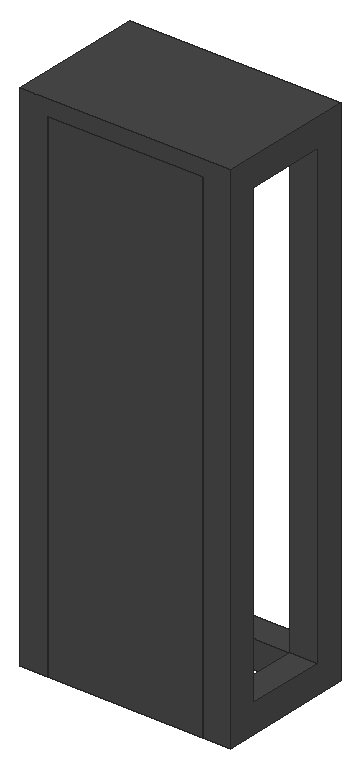
Revit family "3-723-xx Aperto", category Lighting Fixtures, host Wall, Revit 2018
Family settings
  Host = Wall
  Round Connector Dimension = Use Diameter
  Part Type = Normal
  OmniClass Number = 23.80.70.00
  OmniClass Title = Lighting
  Always vertical = Yes
  Cut with Voids When Loaded = No
  Light Source = Yes
  Shared = No
  Room Calculation Point = No
Parameters (values of type "3-723-15 / Black - White Frost Glass")
  Width = 6.50"
  Wattage Comments = "12.45 W at 120 V"  # constant formula
  Wattage = 12.45 W
  built-in parameter 1150110 = 1 (stored number, unit not read)
  Voltage Input = "120 V or 277 V - 50/60 Hz"  # constant formula
  Voltage = 120 V
  URL = "www.oxygenlighting.com"
  built-in parameter 1114217 = 1 (stored number, unit not read)
  Tilt Angle = 0.00°  # constant formula
  built-in parameter 1150109 = 1 (stored number, unit not read)
  built-in parameter 1150134 = (empty or 0)
  built-in parameter 1150113 = 1 (stored number, unit not read)
  References = "Ref. 3 = 120 V / Ref. 37 = 277 V"  # constant formula
  Photometric Web File = "3-723-15 Aperto Outdoor.ies"
  Model = "3-723-xx Aperto Outdoor"  # constant formula
  Metal Finish = 15 - Black
  Manufacturer = "Oxygen - Lighting & Fans"  # constant formula
  Main Diffuser = White Frost Glass
  Lumens = 546.555 lm
  built-in parameter 1150115 = 1 (stored number, unit not read)
  built-in parameter 1150105 = 43.493 (stored number, unit not read)
  built-in parameter 1150137 = (empty or 0)
  built-in parameter 1150139 = (empty or 0)
  Length = 4.25"
  built-in parameter 1150112 = 1 (stored number, unit not read)
  built-in parameter 1150114 = 1 (stored number, unit not read)
  Lamp = "LED Array"  # constant formula
  built-in parameter 1150132 = (empty or 0)
  built-in parameter 1150102 = (empty or 0)
  built-in parameter 1150138 = (empty or 0)
  built-in parameter 1150107 = 3000 (stored number, unit not read)
  built-in parameter 1150106 = 0.43493 (stored number, unit not read)
  Height = 16.00"
  built-in parameter 1150104 = 4.0784 (stored number, unit not read)
  Dimming Lamp Color Temperature Shift = <None>
  Diffuser Height = 15.00"
  Color Filter = 16777215
  built-in parameter 1114218 = 1 (stored number, unit not read)
  built-in parameter 1150133 = 10 (stored number, unit not read)
Reference planes (in)
  plane 1: y = 0
  plane 2 "Light Source Axis (F/B)": y = 5.125
  plane 3 "Light Source Axis (L/R)": x = -1.43133
  plane 4 "Light Source Elevation": z = 77.42225
  plane 5 "Wall Face": y = 3
  plane 6: y = 7.25
Forms (in)
  Extrusion 1, solid, material "15 - Black" <- "Metal Finish"
    sketch origin (0, 3, 0) x (1, 0, 0) y (0, 0, 1)
      loop
        line (1.81867, 85.42225) -> (-4.68133, 85.42225) -> (-4.68133, 69.42225) -> (1.81867, 69.42225) -> (1.81867, 85.42225)
      loop
        line (-3.81518, 70.28839) -> (0.95253, 70.28839) -> (0.95253, 84.55611) -> (-3.81518, 84.55611) -> (-3.81518, 70.28839)
    from -4.25 to -3.38386
  Revolve 2, solid, material "White Frost Glass" <- "Main Diffuser"
    sketch origin (0, 5.125, 0) x (1, 0, 0) y (0, 0, 1)
      loop
        line (-1.43133, 84.92225) -> (-2.61243, 84.92225) -> (-2.61243, 69.92225) -> (-1.43133, 69.92225) -> (-1.43133, 84.92225)
      axis (-1.43133, 69.92225) -> (-1.43133, 84.92225)
    angle from 0 to 360
  Revolve 3, solid, material "15 - Black" <- "Metal Finish"
    sketch origin (0, 5.125, 0) x (1, 0, 0) y (0, 0, 1)
      loop
        line (-1.43133, 69.92225) -> (-2.61243, 69.92225) -> (-2.61243, 69.73994) -> (-1.43133, 69.73994) -> (-1.43133, 69.92225)
      axis (-1.43133, 69.73994) -> (-1.43133, 69.92225)
    angle from 0 to 360
  Extrusion 4, solid, material "15 - Black" <- "Metal Finish"
    sketch origin (-1.43133, 0, 0) x (0, -1, 0) y (0, 0, 1)
      loop
        line (-6.38386, 85.42225) -> (-6.38386, 84.55611) -> (-3.86614, 84.55611) -> (-3.86614, 70.28839) -> (-6.38386, 70.28839) -> (-6.38386, 69.42225) -> (-3, 69.42225) -> (-3, 85.42225) -> (-6.38386, 85.42225)
    from -3.25 to -2.38386
  Extrusion 5, solid, material "15 - Black" <- "Metal Finish"
    sketch origin (-1.43133, 0, 0) x (0, -1, 0) y (0, 0, 1)
      loop
        line (-6.38386, 85.42225) -> (-6.38386, 84.55611) -> (-3.86614, 84.55611) -> (-3.86614, 70.28839) -> (-6.38386, 70.28839) -> (-6.38386, 69.42225) -> (-3, 69.42225) -> (-3, 85.42225) -> (-6.38386, 85.42225)
    from 2.38386 to 3.25
  Extrusion 6, solid, material "15 - Black" <- "Metal Finish"
    sketch origin (0, 5.125, 0) x (1, 0, 0) y (0, 0, 1)
      loop
        line (0.95253, 85.42225) -> (-3.81518, 85.42225) -> (-3.81518, 84.92225) -> (0.95253, 84.92225) -> (0.95253, 85.42225)
    from -1.25886 to 2.125
  Extrusion 7, solid, material "15 - Black" <- "Metal Finish"
    sketch origin (0, 5.125, 0) x (1, 0, 0) y (0, 0, 1)
      loop
        line (0.95253, 84.92225) -> (-3.81518, 84.92225) -> (-3.81518, 69.42225) -> (0.95253, 69.42225) -> (0.95253, 84.92225)
    from 1.21949 to 2.125
Cuts and joins
  joined: Extrusion 1, Extrusion 4, Extrusion 5, Extrusion 6
Text (in)
  text "Placement Side" at (0, 40.15149, 123.01588), in view "Right"
  text "Placement Side" at (-70.3804, 56.61594, 0), in view "Ref. Level"
  text "Placement Side" at (0, 47.49176, 140.59947), in view "Left"
Dimensions and locks (in)
  locked: Extrusion 1 sketch curve to Extrusion 1 sketch curve at 0.86614  (x4)
  "Width": Extrusion 1 to Extrusion 1
  equal spacing: Extrusion 1, imposter light, Extrusion 1
  "Height": Extrusion 1 to Extrusion 1
  locked: Revolve 2 sketch curve to plane 3 "Light Source Axis (L/R)" at 1.1811
  equal spacing: Revolve 2 sketch curve, plane 4 "Light Source Elevation", Revolve 2 sketch curve
  "Diffuser Height": Revolve 2 sketch curve to Revolve 2 sketch curve
  equal spacing: Extrusion 1, plane 4 "Light Source Elevation", Extrusion 1
  locked: Revolve 3 to Revolve 3 at 0.18231
  locked: Extrusion 4 sketch curve to Extrusion 4 sketch curve at 0.86614
  locked: Extrusion 5 sketch curve to Extrusion 5 sketch curve at 0.86614
  locked: Extrusion 4 to Extrusion 7 at 0.90551
  locked: cut or joined group of Extrusion 1, Extrusion 4, Extrusion 5, Extrusion 6 to cut or joined group of Extrusion 1, Extrusion 4, Extrusion 5, Extrusion 6 at 0.86614
  "Length": plane 5 "Wall Face" to plane 6
  equal spacing: plane 6, plane 2 "Light Source Axis (F/B)", plane 5 "Wall Face"
  aligned and locked: plane 3 "Light Source Axis (L/R)" to imposter light
  aligned and locked: plane 2 "Light Source Axis (F/B)" to imposter light
  aligned and locked: plane 4 "Light Source Elevation" to imposter light
  aligned and locked: imposter light to Revolve 2 sketch curve
  aligned and locked: plane 3 "Light Source Axis (L/R)" to Revolve 2 sketch curve
  aligned and locked: Revolve 3 to Revolve 2
  aligned and locked: Extrusion 1 to Extrusion 4 sketch curve  (x2)
  aligned and locked: Extrusion 4 sketch curve to Extrusion 1  (x4)
  aligned and locked: Extrusion 4 to Extrusion 1  (x2)
  aligned and locked: Extrusion 5 to Extrusion 1
  aligned and locked: Extrusion 1 to Extrusion 5
  aligned and locked: Extrusion 1 to Extrusion 5 sketch curve  (x2)
  aligned and locked: Extrusion 5 sketch curve to Extrusion 1
  aligned and locked: Extrusion 4 to Extrusion 5 sketch curve
  aligned and locked: Extrusion 1 to Extrusion 6 sketch curve
  aligned and locked: Extrusion 5 to Extrusion 6 sketch curve
  aligned and locked: Extrusion 6 sketch curve to Revolve 2
  aligned and locked: Extrusion 6 sketch curve to Extrusion 1
  aligned and locked: Extrusion 4 to Extrusion 6
  aligned and locked: Extrusion 7 sketch curve to Extrusion 1  (x3)
  aligned and locked: Extrusion 7 sketch curve to Extrusion 6
  aligned and locked: Extrusion 4 to Extrusion 7
  aligned and locked: Extrusion 6 to Extrusion 4
  aligned and locked: cut or joined group of Extrusion 1, Extrusion 4, Extrusion 5, Extrusion 6 to host wall  (x2)
  aligned and locked: cut or joined group of Extrusion 1, Extrusion 4, Extrusion 5, Extrusion 6 to cut or joined group of Extrusion 1, Extrusion 4, Extrusion 5, Extrusion 6  (x2)
  aligned and locked: plane 5 "Wall Face" to host wall
  aligned and locked: plane 6 to cut or joined group of Extrusion 1, Extrusion 4, Extrusion 5, Extrusion 6
Automatic sketch dimensions
  plane 3 "Light Source Axis (L/R)" to Revolve 3 sketch curve = 0.00"  (x2)
  plane 3 "Light Source Axis (L/R)" to Revolve 3 sketch curve = 1.1811"
  plane 4 "Light Source Elevation" to Revolve 3 sketch curve = 7.68231"
  Revolve 3 sketch curve to Revolve 3 sketch curve = 0.18231"
  Revolve 3 sketch curve to Revolve 3 sketch curve = 6.1484"
  Revolve 3 sketch curve to plane 4 "Light Source Elevation" = 12.00"
  host wall to Extrusion 4 sketch curve = 0.00"
  host wall to Extrusion 5 sketch curve = 0.00"
  Extrusion 5 sketch curve to plane 2 "Light Source Axis (F/B)" = 1.25886"  (x2)
  Revolve 2 sketch curve to Revolve 2 sketch curve = 6.39351"  (x2)
  plane 3 "Light Source Axis (L/R)" to Extrusion 1 sketch curve = 3.25"
  Extrusion 1 sketch curve to plane 3 "Light Source Axis (L/R)" = 2.38386"
  plane 4 "Light Source Elevation" to Extrusion 1 sketch curve = 8.00"
  Extrusion 1 sketch curve to plane 4 "Light Source Elevation" = 7.13386"
Connectors (in)
  electrical at (-1.43133, 3, 77.29725), driven by "Voltage"
    settings: on cut or joined group of Extrusion 1, Extrusion 4, Extrusion 5, Extrusion 6, index 1, voltage 120 V, apparent load 0 VA, apparent load phase1 0 VA, apparent load phase2 0 VA, apparent load phase3 0 VA, power factor 1, load classification "Other", number of poles 1, system type 31, power factor state 1, is connector primary yes, connector utility no, sub classification motor no, connector description ""
